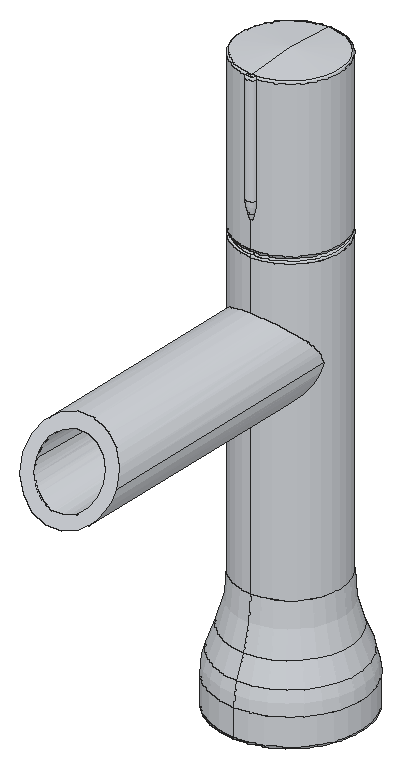
Revit family "Faucet-Lavatory-KOHLER-TOOBI-K-8967X", category Plumbing Fixtures, host Face, Revit 2017
Family settings
  Host = Face
  Round Connector Dimension = Use Diameter
  Part Type = Normal
  OmniClass Number = 23.31.11.00
  OmniClass Title = Faucets
  Cut with Voids When Loaded = No
  Shared = No
  Room Calculation Point = No
Parameters (values of type "CP- Polished Chrome")
  Width = 1 109/128"  # constant formula
  WaterSense Certified = 1 = 0  # no
  Waste Water Outlet = "Waste Water Outlet"  # constant formula
  Waste Connection = 1 = 0  # no
  Vent Connection = 1 = 0  # no
  URL = "https://www.kohler.co.th/"
  Type = 1
  Spout Reach = Length  # 3 149/256"
  Product Page URL = "https://www.kohler.co.th/en/productDetails/8967X-9?skuid=8967X-9-CP"
  Product Name = "TOOBI\r\n"  # constant formula
  Product Documentation Link = "http://resources.kohler.com/plumbing/kohlerapac/pdf/x2_170325230836.pdf"
  Pressure = 0.00 psi
  Model = if(Type = 1, "K-8967X-9-CP", "NA")  # "K-8967X-9-CP"
  Material = "Metal construction"  # constant formula
  Master Format 2014 Name = "Residential Faucets, Supplies, and Trim"  # constant formula
  Master Format 2014 = "22 41 39"  # constant formula
  Manufacturer Address = "16th Floor, Jasmine City Building 2, Soi Sukhumvit 23, Sukhumvit Road, Khlong Toei Nuea, Watthana, Bangkok 10110\r\n"  # constant formula
  Manufacturer = "KOHLER Co."  # constant formula
  Length = 3 149/256"  # constant formula
  Hot Water Inlet = "Hot Water Inlet"  # constant formula
  Height = 7 21/32"  # constant formula
  HW Connection = 1 = 1  # yes
  Flow Rate = 0 GPM
  Finish = Kohler-Metal-CP-Polished_Chrome
  Environmental Product Declaration = ""
  Drain Included = 1 = 0  # no
  Description = "Disc-Pillar Lavatory Faucet\r\n"  # constant formula
  Default Elevation = 36"
  Declare Label = ""
  Date Modified = "08/10/2020"  # constant formula
  Date Created = "08/10/2020"  # constant formula
  Copyright = "Copyright KOHLER Co."  # constant formula
  Contact Us = "https://www.kohler.co.th/contact-us"
  Cold Water Inlet = "Cold Water Inlet"  # constant formula
  CW Connection = 1 = 1  # yes
  Assembly Code = "D2010"
  ADA Compliant = 1 = 0  # no
Reference planes (in)
  plane 1 "Center (Front/Back)": y = 0
  plane 2: z = 0
  plane 3 "Center (Left/Right)": x = 0
  plane 4: x = -0.9252
  plane 5: x = 0.92637
  plane 6: y = 0.92471
  plane 7: y = -0.92471
  plane 8: z = 7.65625
  plane 9: z = 4.29134
  plane 10: y = -3.58203
  plane 11: through (0, -3.88102, 3.6792) normal (0, 0.8988, -0.4384)
  plane 12: z = 6.38459
Dimensions and locks (in)
  "Width": plane 4 to plane 5
  locked: plane 6 to plane 7 at 1.84941
  "Length": plane 1 "Center (Front/Back)" to plane 10
  locked: level to plane 9 at 4.29134
  "Height": level to plane 8
  locked: plane 11 to plane 9 (angle 64.00°)
  aligned and locked: plane 2 to host face
  aligned and locked: level to host face
  aligned and locked: plane 4 to nested 1
  aligned and locked: plane 5 to nested 1
  aligned and locked: plane 6 to nested 1
  aligned and locked: plane 7 to nested 1
  aligned and locked: plane 8 to nested 1
  aligned and locked: plane 9 to nested 1
  aligned and locked: plane 10 to nested 1
  aligned and locked: plane 11 to nested 1
  aligned and locked: plane 12 to nested 1
Automatic sketch dimensions
  host sketch curve to host sketch curve = 96"  (x2)
Nested families (in)
  nested 1: "K-8967X-9" at (0, 0, -0.00123), type "K-8967X-9"
Connectors (in)
  piping at (-0.31511, 0, -0.00123), diameter 0.5, driven by "Flow Rate", driven by "HW Connection", driven by "Hot Water Inlet"
    settings: on nested 1, index 1, connector inside diameter 24", connector length 0", flow factor 0, pipe flow 0 GPM, pressure drop 0.00 psi, fitting loss kfactor 0, connector angle 0.00°, fixture units 0, engagement length 0", angle of deflection 0.00°, flow configuration 0, flow direction 1, fitting loss method 0, system type 19, joint type 0, gender type 0, connector reference index -1, connector utility 1, adjustable connector no, is connector primary yes, connector description "Hot Water Inlet"
  piping at (0.31511, 0, -0.00123), diameter 0.5, driven by "Flow Rate", driven by "CW Connection", driven by "Cold Water Inlet"
    settings: on nested 1, index 2, connector inside diameter 24", connector length 0", flow factor 0, pipe flow 0 GPM, pressure drop 0.00 psi, fitting loss kfactor 0, connector angle 0.00°, fixture units 0, engagement length 0", angle of deflection 0.00°, flow configuration 0, flow direction 1, fitting loss method 0, system type 20, joint type 0, gender type 0, connector reference index -1, connector utility 1, adjustable connector no, is connector primary no, connector description "Cold Water Inlet"
Definition of nested family "K-8967X-9"
  Parameters (values of type "K-8967X-9")
    Material = none
  Reference planes (in)
    plane 1 "Center (Front/Back)": y = 0
    plane 2: z = 0
    plane 3 "Center (Left/Right)": x = 0
    plane 4: z = 7.65748
    plane 5: y = 0.92471
    plane 6: y = -3.58268
    plane 7: z = 4.29134
    plane 8: through (0, -3.56471, 4.32773) normal (0, -0.8988, 0.4384)
    plane 9: y = -0.92471
    plane 10: x = -0.9252
    plane 11: x = 0.9252
    plane 12: z = 6.38582
  Forms (in)
    Revolve 1, solid, material <- "Material", detail levels medium+fine
      sketch origin (0, 0, 0) x (0, 1, 0) y (0, 0, 1)
        loop
          line (0.92471, 0.02362) -> (0.92471, 0.37315)
          arc (0.92471, 0.37315) -> (0.9115, 0.51879) -> (0.8723, 0.65969) r 0.80955
          line (0.8723, 0.65969) -> (0.76584, 0.94099)
          arc (0.76584, 0.94099) -> (0.6789, 1.25348) -> (0.64961, 1.57652) r 1.79553
          line (0.64961, 1.57652) -> (0.64961, 5.4922)
          arc (0.64961, 5.4922) -> (0.64386, 5.50607) -> (0.63, 5.51181) r 0.01961
          line (0.63, 5.51181) -> (0.53192, 5.51181)
          arc (0.53192, 5.51181) -> (0.53067, 5.53542) -> (0.52982, 5.55906) r 1.39127
          line (0.52982, 5.55906) -> (0.628, 5.55906)
          arc (0.628, 5.55906) -> (0.64328, 5.56538) -> (0.64961, 5.58066) r 0.02161
          line (0.64961, 5.58066) -> (0.64961, 7.58866)
          arc (0.64961, 7.58866) -> (0.64411, 7.60347) -> (0.63029, 7.61113) r 0.02273
          arc (0.63029, 7.61113) -> (0.31604, 7.64646) -> (0, 7.65748) r 4.10213
          line (0, 7.65748) -> (0, 0) -> (0.90108, 0)
          arc (0.90108, 0) -> (0.91779, 0.00692) -> (0.92471, 0.02362) r 0.02362
        axis (0, 7.65748) -> (0, 0)
      angle from 0 to 360
    Revolve 2, solid, material <- "Material", detail levels medium+fine
      sketch origin (0, 0, 0) x (0, 1, 0) y (0, 0, 1)
        loop
          line (-0.69455, 7.57943) -> (-0.69455, 6.16857)
          arc (-0.69455, 6.16857) -> (-0.68899, 6.09132) -> (-0.67242, 6.01566) r 0.53928
          line (-0.67242, 6.01566) -> (-0.62381, 5.85126) -> (-0.62381, 7.60911)
          arc (-0.62381, 7.60911) -> (-0.64924, 7.60625) -> (-0.67458, 7.60271) r 0.94982
          arc (-0.67458, 7.60271) -> (-0.68887, 7.59476) -> (-0.69455, 7.57943) r 0.02355
        axis (-0.62381, 7.60911) -> (-0.62381, 5.85126)
      angle from -90 to 90
    Revolve 3, solid, material <- "Material", detail levels medium+fine
      sketch origin (0, 0, 0) x (0, 1, 0) y (0, 0, 1)
        loop
          arc (0.72061, 6.38582) -> (0.68335, 6.49815) -> (0.58643, 6.56609) r 0.18836
          line (0.58643, 6.56609) -> (0.58643, 6.38582) -> (0.72061, 6.38582)
        axis (0.72061, 6.38582) -> (0.58643, 6.38582)
      angle from 0 to 360
    Extrusion 4, solid, material <- "Material", detail levels medium+fine
      sketch origin (0, 0, 0) x (1, 0, 0) y (0, 0, 1)
        loop
          spline (-0.60958, 4.29134) -> (-0.58881, 4.14868) -> (-0.52791, 4.01575) -> (-0.43104, 3.90159) -> (-0.30479, 3.814) -> (-0.15777, 3.75894) -> (0, 3.74016) -> (0.15777, 3.75894) -> (0.30479, 3.814) -> (0.43104, 3.90159) -> (0.52791, 4.01575) -> (0.58881, 4.14868) -> (0.60958, 4.29134)
          spline (0.60958, 4.29134) -> (0.58881, 4.43399) -> (0.52791, 4.56693) -> (0.43104, 4.68108) -> (0.30479, 4.76868) -> (0.15777, 4.82374) -> (0, 4.84252) -> (-0.15777, 4.82374) -> (-0.30479, 4.76868) -> (-0.43104, 4.68108) -> (-0.52791, 4.56693) -> (-0.58881, 4.43399) -> (-0.60958, 4.29134)
      from 0 to 4.28882
    Extrusion 5, void
      sketch origin (0, 0, 0) x (0, 1, 0) y (0, 0, 1)
        loop
          line (-3.18084, 5.11478) -> (-4.7315, 5.11478) -> (-4.7315, 3.14628) -> (-4.14095, 3.14628) -> (-3.18084, 5.11478)
      from -1.85366 to 1.23799
    SweptBlend 6, void
      path origin (0, 0, 0) x (0, 1, 0) y (0, 0, 1)
        loop
          line (-5.39715, 4.29134) -> (-0.93616, 4.29134)
      profile origin (0, -5.39715, 4.29134) x (0, 0, 1) y (1, 0, 0)
        loop
          spline (0.00109, 0.49434) -> (-0.11154, 0.47761) -> (-0.21649, 0.42853) -> (-0.30662, 0.35046) -> (-0.37577, 0.24872) -> (-0.41924, 0.13025) -> (-0.43407, 0.0031) -> (-0.41924, -0.12404) -> (-0.37577, -0.24252) -> (-0.30662, -0.34425) -> (-0.21649, -0.42232) -> (-0.11154, -0.4714) -> (0.00109, -0.48814)
          spline (0.00109, -0.48814) -> (0.11372, -0.4714) -> (0.21867, -0.42232) -> (0.30879, -0.34425) -> (0.37795, -0.24252) -> (0.42142, -0.12404) -> (0.43625, 0.0031) -> (0.42142, 0.13025) -> (0.37795, 0.24872) -> (0.30879, 0.35046) -> (0.21867, 0.42853) -> (0.11372, 0.47761) -> (0.00109, 0.49434)
      end profile origin (0, -0.93616, 4.29134) x (0, 0, 1) y (1, 0, 0)
        loop
          circle (0, 0) r 0.35557
    Extrusion 7, void
      sketch origin (0, 0, 0) x (1, 0, 0) y (0, 1, 0)
        loop
          line (0.15748, -3.38603) -> (0.15748, -3.22855)
          arc (0.15748, -3.22855) -> (0, -3.07107) -> (-0.15748, -3.22855) r 0.15748
          line (-0.15748, -3.22855) -> (-0.15748, -3.38603)
          arc (-0.15748, -3.38603) -> (0, -3.54351) -> (0.15748, -3.38603) r 0.15748
      from 3.53957 to 3.8383
    Revolve 8, solid, material <- "Material", detail levels coarse
      sketch origin (0, 0, 0) x (0, 1, 0) y (0, 0, 1)
        loop
          line (0, 7.65748) -> (0, 0) -> (0.92471, 0) -> (0.92471, 0.52121) -> (0.64961, 1.24812) -> (0.64961, 7.65748) -> (0, 7.65748)
        axis (0, 0) -> (0, 7.65748)
      angle from 0 to 360
    Revolve 9, solid, material <- "Material", detail levels coarse
      sketch origin (0, 0, 0) x (0, 1, 0) y (0, 0, 1)
        loop
          line (0, 4.84252) -> (-3.94783, 4.84252) -> (-3.94783, 4.29134) -> (0, 4.29134) -> (0, 4.84252)
        axis (0, 4.29134) -> (-3.94783, 4.29134)
      angle from 0 to 360
    Extrusion 10, void
      sketch origin (0, 0, 0) x (0, 1, 0) y (0, 0, 1)
        loop
          line (-3.04767, 5.38783) -> (-4.28617, 5.99188) -> (-5.49428, 3.51489) -> (-4.25578, 2.91083) -> (-3.04767, 5.38783)
      from -3.43216 to 2.67496
    Extrusion 11, solid, material <- "Material", detail levels coarse
      sketch origin (0, 0, 0) x (1, 0, 0) y (0, 1, 0)
        loop
          circle (0, -0.62381) r 0.0708
      from 5.93744 to 7.65748
    Extrusion 12, void
      sketch origin (0, 0, 0) x (1, 0, 0) y (0, 0, 1)
        loop
          spline (-0.43265, 4.30073) -> (-0.42348, 4.19489) -> (-0.38299, 4.09517) -> (-0.31417, 4.0089) -> (-0.22207, 3.94243) -> (-0.11349, 3.90067) -> (0.00359, 3.88668) -> (0.12055, 3.90149) -> (0.22876, 3.94402) -> (0.32028, 4.01113) -> (0.38835, 4.09788) -> (0.42797, 4.19789) -> (0.43621, 4.30379)
          spline (0.43621, 4.30379) -> (0.4202, 4.40416) -> (0.37597, 4.49744) -> (0.30651, 4.57735) -> (0.2165, 4.63848) -> (0.11201, 4.67672) -> (0.00009, 4.68949) -> (-0.11171, 4.67593) -> (-0.21586, 4.63696) -> (-0.30533, 4.57519) -> (-0.3741, 4.4948) -> (-0.41751, 4.40121) -> (-0.43265, 4.30073)
      from 0 to 9.84252
    Extrusion 13, solid, material <- "Material"
      sketch origin (0, 0, 0) x (1, 0, 0) y (0, 1, 0)
        loop
          circle (-0.31511, 0) r 0.13418
        loop
          circle (0.31511, 0) r 0.13418
      from 0 to 0.33945
  Cuts and joins
    SweptBlend 6, Extrusion 10 cuts Revolve 1
    SweptBlend 6, Extrusion 10 cuts Revolve 3
    Extrusion 5, SweptBlend 6, Extrusion 7, Extrusion 10 cuts Extrusion 4
    joined: Revolve 1, Revolve 3, Extrusion 4
    Extrusion 10, Extrusion 12 cuts Revolve 8
    Extrusion 10, Extrusion 12 cuts Revolve 9
    Extrusion 12 cuts Extrusion 11
    joined: Revolve 8, Revolve 9, Extrusion 11
  Lines and regions (in)
    Masking region 1
      outline origin (0, 0, 0) x (1, 0, 0) y (0, 1, 0)
        loop
          arc (0.61301, -0.69231) -> (0, 0.92471) -> (-0.61301, -0.69231) r 0.92471
          arc (-0.61301, -0.69231) -> (-0.61151, -0.75017) -> (-0.61024, -0.80803) r 14.72307
          line (-0.61024, -0.80803) -> (-0.61024, -3.58246)
          spline (-0.61024, -3.58246) -> (-0.58945, -3.65204) -> (-0.52848, -3.71688) -> (-0.43151, -3.77255) -> (-0.30512, -3.81528) -> (-0.15794, -3.84213) -> (0, -3.85129) -> (0.15794, -3.84213) -> (0.30512, -3.81528) -> (0.43151, -3.77255) -> (0.52848, -3.71688) -> (0.58945, -3.65204) -> (0.61024, -3.58246)
          line (0.61024, -3.58246) -> (0.61024, -0.80803)
          arc (0.61024, -0.80803) -> (0.61151, -0.75017) -> (0.61301, -0.69231) r 14.72307
    Masking region 2
      outline origin (0, 0, 0) x (1, 0, 0) y (0, 0, 1)
        loop
          arc (-0.92471, 0.02362) -> (-0.91779, 0.00692) -> (-0.90108, 0) r 0.02362
          line (-0.90108, 0) -> (0, 0) -> (0.90108, 0)
          arc (0.90108, 0) -> (0.91779, 0.00692) -> (0.92471, 0.02362) r 0.02362
          line (0.92471, 0.02362) -> (0.92471, 0.37315)
          arc (0.92471, 0.37315) -> (0.9115, 0.51879) -> (0.8723, 0.65969) r 0.80955
          line (0.8723, 0.65969) -> (0.76584, 0.94099)
          arc (0.76584, 0.94099) -> (0.6789, 1.25348) -> (0.64961, 1.57652) r 1.79553
          line (0.64961, 1.57652) -> (0.64961, 5.4922)
          arc (0.64961, 5.4922) -> (0.64386, 5.50607) -> (0.63, 5.51181) r 0.01961
          line (0.63, 5.51181) -> (0.53192, 5.51181)
          arc (0.53192, 5.51181) -> (0.53067, 5.53542) -> (0.52982, 5.55906) r 1.39127
          line (0.52982, 5.55906) -> (0.628, 5.55906)
          arc (0.628, 5.55906) -> (0.64328, 5.56538) -> (0.64961, 5.58066) r 0.02161
          line (0.64961, 5.58066) -> (0.64961, 7.58866)
          arc (0.64961, 7.58866) -> (0.64411, 7.60347) -> (0.63029, 7.61113) r 0.02273
          arc (0.63029, 7.61113) -> (0.31604, 7.64646) -> (0, 7.65748) r 4.10213
          arc (0, 7.65748) -> (-0.31604, 7.64646) -> (-0.63029, 7.61113) r 4.10213
          arc (-0.63029, 7.61113) -> (-0.64411, 7.60347) -> (-0.64961, 7.58866) r 0.02273
          line (-0.64961, 7.58866) -> (-0.64961, 5.58066)
          arc (-0.64961, 5.58066) -> (-0.64328, 5.56538) -> (-0.628, 5.55906) r 0.02161
          line (-0.628, 5.55906) -> (-0.52982, 5.55906)
          arc (-0.52982, 5.55906) -> (-0.53067, 5.53542) -> (-0.53192, 5.51181) r 1.39127
          line (-0.53192, 5.51181) -> (-0.63, 5.51181)
          arc (-0.63, 5.51181) -> (-0.64386, 5.50607) -> (-0.64961, 5.4922) r 0.01961
          line (-0.64961, 5.4922) -> (-0.64961, 1.57652)
          arc (-0.64961, 1.57652) -> (-0.6789, 1.25348) -> (-0.76584, 0.94099) r 1.79553
          line (-0.76584, 0.94099) -> (-0.8723, 0.65969)
          arc (-0.8723, 0.65969) -> (-0.9115, 0.51879) -> (-0.92471, 0.37315) r 0.80955
          line (-0.92471, 0.37315) -> (-0.92471, 0.02362)
    Masking region 3
      outline origin (0, 0, 0) x (0, 1, 0) y (0, 0, 1)
        loop
          line (0.92471, 0.02362) -> (0.92471, 0.37315)
          arc (0.92471, 0.37315) -> (0.9115, 0.51879) -> (0.8723, 0.65969) r 0.80955
          line (0.8723, 0.65969) -> (0.76584, 0.94099)
          arc (0.76584, 0.94099) -> (0.6789, 1.25348) -> (0.64961, 1.57652) r 1.79553
          line (0.64961, 1.57652) -> (0.64961, 5.4922)
          arc (0.64961, 5.4922) -> (0.64386, 5.50607) -> (0.63, 5.51181) r 0.01961
          line (0.63, 5.51181) -> (0.53192, 5.51181)
          arc (0.53192, 5.51181) -> (0.53067, 5.53542) -> (0.52982, 5.55906) r 1.39127
          line (0.52982, 5.55906) -> (0.628, 5.55906)
          arc (0.628, 5.55906) -> (0.64328, 5.56538) -> (0.64961, 5.58066) r 0.02161
          line (0.64961, 5.58066) -> (0.64961, 6.23861)
          arc (0.64961, 6.23861) -> (0.72065, 6.38582) -> (0.64961, 6.53302) r 0.18803
          line (0.64961, 6.53302) -> (0.64961, 7.58866)
          arc (0.64961, 7.58866) -> (0.64411, 7.60347) -> (0.63029, 7.61113) r 0.02273
          arc (0.63029, 7.61113) -> (0.31604, 7.64646) -> (0, 7.65748) r 4.10213
          arc (0, 7.65748) -> (-0.31604, 7.64646) -> (-0.63029, 7.61113) r 4.10213
          line (-0.63029, 7.61113) -> (-0.67597, 7.6042)
          arc (-0.67597, 7.6042) -> (-0.68927, 7.59683) -> (-0.69455, 7.58258) r 0.02187
          line (-0.69455, 7.58258) -> (-0.69455, 6.17082)
          arc (-0.69455, 6.17082) -> (-0.68951, 6.09178) -> (-0.67447, 6.01403) r 0.62215
          arc (-0.67447, 6.01403) -> (-0.65904, 5.94265) -> (-0.64961, 5.87024) r 0.8746
          line (-0.64961, 5.87024) -> (-0.64961, 5.58066)
          arc (-0.64961, 5.58066) -> (-0.64328, 5.56538) -> (-0.628, 5.55906) r 0.02161
          line (-0.628, 5.55906) -> (-0.52982, 5.55906)
          arc (-0.52982, 5.55906) -> (-0.53067, 5.53542) -> (-0.53192, 5.51181) r 1.39127
          line (-0.53192, 5.51181) -> (-0.63, 5.51181)
          arc (-0.63, 5.51181) -> (-0.64386, 5.50607) -> (-0.64961, 5.4922) r 0.01961
          line (-0.64961, 5.4922) -> (-0.64961, 5.15802)
          arc (-0.64961, 5.15802) -> (-0.74201, 4.93493) -> (-0.96511, 4.84252) r 0.3155
          line (-0.96511, 4.84252) -> (-3.29033, 4.84252)
          arc (-3.29033, 4.84252) -> (-3.31009, 4.83685) -> (-3.32385, 4.82158) r 0.03729
          line (-3.32385, 4.82158) -> (-3.83878, 3.7658)
          arc (-3.83878, 3.7658) -> (-3.83758, 3.74293) -> (-3.81755, 3.73183) r 0.02362
          line (-3.81755, 3.73183) -> (-3.53517, 3.73183)
          arc (-3.53517, 3.73183) -> (-3.30352, 3.75115) -> (-3.07187, 3.73183) r 1.39789
          line (-3.07187, 3.73183) -> (-0.97698, 3.73183)
          arc (-0.97698, 3.73183) -> (-0.74549, 3.63594) -> (-0.64961, 3.40445) r 0.32738
          line (-0.64961, 3.40445) -> (-0.64961, 1.57652)
          arc (-0.64961, 1.57652) -> (-0.6789, 1.25348) -> (-0.76584, 0.94099) r 1.79553
          line (-0.76584, 0.94099) -> (-0.8723, 0.65969)
          arc (-0.8723, 0.65969) -> (-0.9115, 0.51879) -> (-0.92471, 0.37315) r 0.80955
          line (-0.92471, 0.37315) -> (-0.92471, 0.02362)
          arc (-0.92471, 0.02362) -> (-0.91779, 0.00692) -> (-0.90108, 0) r 0.02362
          line (-0.90108, 0) -> (0, 0) -> (0.90108, 0)
          arc (0.90108, 0) -> (0.91779, 0.00692) -> (0.92471, 0.02362) r 0.02362
    symbolic lines, detail levels medium+fine
      curve 1: arc (0.10255, -0.64146, 0) -> (-0.00226, 0.6496, 0) -> (-0.09809, -0.64216, 0) r 0.64961
      curve 2: arc (0.09348, -0.62314, 0) -> (-0.01053, 0.63003, 0) -> (-0.07261, -0.62592, 0) r 0.63011
      curve 3: arc (-0.0471, -0.64394, 0) -> (-0.00489, -0.67334, 0) -> (0.04239, -0.65308, 0) r 0.05301
      curve 4: arc (-0.07261, -0.62592, 0) -> (-0.05756, -0.63167, 0) -> (-0.0471, -0.64394, 0) r 0.03259
      curve 5: arc (0.04239, -0.65308, 0) -> (0.06505, -0.63318, 0) -> (0.09348, -0.62314, 0) r 0.0796
      curve 6: arc (-0.05919, -0.66509, 0) -> (-0.00131, -0.69418, 0) -> (0.05755, -0.66715, 0) r 0.07474
      curve 7: arc (-0.09809, -0.64216, 0) -> (-0.07643, -0.64987, 0) -> (-0.05919, -0.66509, 0) r 0.06069
      curve 8: arc (0.05755, -0.66715, 0) -> (0.07771, -0.65021, 0) -> (0.10255, -0.64146, 0) r 0.07352
      curve 9: arc (0, 0.72061, 0) -> (-0.09272, 0.69634, 0) -> (-0.1612, 0.62929, 0) r 0.18681
      curve 10: arc (0, 0.72061, 0) -> (0.09272, 0.69634, 0) -> (0.1612, 0.62929, 0) r 0.18681
      curve 11: line (0, 0.92471, 0) -> (0, 0.72061, 0)
      curve 12: spline (-0.4388, -3.58268, 0) -> (-0.42385, -3.53173, 0) -> (-0.38001, -3.48425, 0) -> (-0.31028, -3.44348, 0) -> (-0.2194, -3.4122, 0) -> (-0.11357, -3.39253, 0) -> (0, -3.38583, 0) -> (0.11357, -3.39253, 0) -> (0.2194, -3.4122, 0) -> (0.31028, -3.44348, 0) -> (0.38001, -3.48425, 0) -> (0.42385, -3.53173, 0) -> (0.4388, -3.58268, 0) -> (0.42385, -3.63363, 0) -> (0.38001, -3.6811, 0) -> (0.31028, -3.72187, 0) -> (0.2194, -3.75315, 0) -> (0.11357, -3.77282, 0) -> (0, -3.77953, 0) -> (-0.11357, -3.77282, 0) -> (-0.2194, -3.75315, 0) -> (-0.31028, -3.72187, 0) -> (-0.38001, -3.6811, 0) -> (-0.42385, -3.63363, 0) -> (-0.4388, -3.58268, 0)
      curve 13: spline (-0.3937, -3.54491, 0) -> (-0.38029, -3.50374, 0) -> (-0.34095, -3.46537, 0) -> (-0.27839, -3.43242, 0) -> (-0.19685, -3.40714, 0) -> (-0.1019, -3.39125, 0) -> (0, -3.38583, 0) -> (0.1019, -3.39125, 0) -> (0.19685, -3.40714, 0) -> (0.27839, -3.43242, 0) -> (0.34095, -3.46537, 0) -> (0.38029, -3.50374, 0) -> (0.3937, -3.54491, 0) -> (0.38029, -3.58608, 0) -> (0.34095, -3.62445, 0) -> (0.27839, -3.6574, 0) -> (0.19685, -3.68268, 0) -> (0.1019, -3.69857, 0) -> (0, -3.70399, 0) -> (-0.1019, -3.69857, 0) -> (-0.19685, -3.68268, 0) -> (-0.27839, -3.6574, 0) -> (-0.34095, -3.62445, 0) -> (-0.38029, -3.58608, 0) -> (-0.3937, -3.54491, 0)
      curve 14: arc (-0.3937, -3.54491, 0) -> (-0.41383, -3.56853, 0) -> (-0.43869, -3.58709, 0) r 0.13919
      curve 15: spline (-0.53173, -3.58268, 0) -> (-0.51361, -3.6439, 0) -> (-0.46049, -3.70096, 0) -> (-0.37599, -3.74995, 0) -> (-0.26586, -3.78754, 0) -> (-0.13762, -3.81117, 0) -> (0, -3.81923, 0) -> (0.13762, -3.81117, 0) -> (0.26586, -3.78754, 0) -> (0.37599, -3.74995, 0) -> (0.46049, -3.70096, 0) -> (0.51361, -3.6439, 0) -> (0.53173, -3.58268, 0) -> (0.51361, -3.52145, 0) -> (0.46049, -3.4644, 0) -> (0.37599, -3.41541, 0) -> (0.26586, -3.37781, 0) -> (0.13762, -3.35418, 0) -> (0, -3.34612, 0) -> (-0.13762, -3.35418, 0) -> (-0.26586, -3.37781, 0) -> (-0.37599, -3.41541, 0) -> (-0.46049, -3.4644, 0) -> (-0.51361, -3.52145, 0) -> (-0.53173, -3.58268, 0)
      curve 16: spline (-0.51253, -3.58268, 0) -> (-0.49507, -3.52602, 0) -> (-0.44386, -3.47322, 0) -> (-0.36241, -3.42788, 0) -> (-0.25626, -3.39308, 0) -> (-0.13265, -3.37121, 0) -> (0, -3.36375, 0) -> (0.13265, -3.37121, 0) -> (0.25626, -3.39308, 0) -> (0.36241, -3.42788, 0) -> (0.44386, -3.47322, 0) -> (0.49507, -3.52602, 0) -> (0.51253, -3.58268, 0) -> (0.49507, -3.63934, 0) -> (0.44386, -3.69214, 0) -> (0.36241, -3.73748, 0) -> (0.25626, -3.77227, 0) -> (0.13265, -3.79414, 0) -> (0, -3.8016, 0) -> (-0.13265, -3.79414, 0) -> (-0.25626, -3.77227, 0) -> (-0.36241, -3.73748, 0) -> (-0.44386, -3.69214, 0) -> (-0.49507, -3.63934, 0) -> (-0.51253, -3.58268, 0)
      curve 17: spline (-0.61023, -3.58268, 0) -> (-0.58943, -3.5072, 0) -> (-0.52847, -3.43688, 0) -> (-0.4315, -3.37648, 0) -> (-0.30511, -3.33014, 0) -> (-0.15794, -3.30101, 0) -> (0, -3.29107, 0) -> (0.15794, -3.30101, 0) -> (0.30511, -3.33014, 0) -> (0.4315, -3.37648, 0) -> (0.52847, -3.43688, 0) -> (0.58943, -3.5072, 0) -> (0.61023, -3.58268, 0)
      curve 18: spline (0.59055, -3.58268, 0) -> (0.57043, -3.51372, 0) -> (0.51143, -3.44947, 0) -> (0.41758, -3.39429, 0) -> (0.29528, -3.35195, 0) -> (0.15285, -3.32534, 0) -> (0, -3.31626, 0) -> (-0.15285, -3.32534, 0) -> (-0.29528, -3.35195, 0) -> (-0.41758, -3.39429, 0) -> (-0.51143, -3.44947, 0) -> (-0.57043, -3.51372, 0) -> (-0.59055, -3.58268, 0) -> (-0.57043, -3.65163, 0) -> (-0.51143, -3.71589, 0) -> (-0.41758, -3.77106, 0) -> (-0.29528, -3.8134, 0) -> (-0.15285, -3.84002, 0) -> (0, -3.84909, 0) -> (0.15285, -3.84002, 0) -> (0.29528, -3.8134, 0) -> (0.41758, -3.77106, 0) -> (0.51143, -3.71589, 0) -> (0.57043, -3.65163, 0) -> (0.59055, -3.58268, 0)
      curve 19: arc (0.3937, -3.54491, 0) -> (0.41383, -3.56853, 0) -> (0.43869, -3.58709, 0) r 0.13919
      curve 20: line (-0.61301, -0.69231, 0) -> (-0.64961, 0, 0)
      curve 21: line (0.61301, -0.69231, 0) -> (0.64961, 0, 0)
      curve 22: line (-0.62577, 0, 7.61174) -> (-0.0927, 0, 7.61174)
      curve 23: arc (-0.0927, 0, 7.61174) -> (-0.06685, 0, 7.61084) -> (-0.04114, 0, 7.60814) r 0.37047
      curve 24: arc (-0.04114, 0, 7.60814) -> (-0.02062, 0, 7.60603) -> (0, 0, 7.60547) r 0.27531
      curve 25: line (-0.64961, 0, 7.58831) -> (-0.09495, 0, 7.58831)
      curve 26: line (-0.09495, 0, 7.58831) -> (-0.05351, 0, 7.5842)
      curve 27: arc (-0.05351, 0, 7.5842) -> (-0.02679, 0, 7.58235) -> (0, 0, 7.58209) r 0.45087
      curve 28: line (-0.13692, 0, 7.61174) -> (-0.13692, 0, 6.14172)
      curve 29: line (-0.09497, 0, 7.61174) -> (-0.09497, 0, 6.16454)
      curve 30: line (0.13692, 0, 7.61174) -> (0.13692, 0, 6.14172)
      curve 31: line (0.09497, 0, 7.61174) -> (0.09497, 0, 6.16454)
      curve 32: arc (-0.09497, 0, 6.16454) -> (0, 0, 6.06957) -> (0.09497, 0, 6.16454) r 0.09497
      curve 33: arc (-0.13692, 0, 6.14172) -> (0, 0, 6.0048) -> (0.13692, 0, 6.14172) r 0.13692
      curve 34: arc (-0.13692, 0, 6.14172) -> (-0.11236, 0, 6.14654) -> (-0.09497, 0, 6.16454) r 0.04175
      curve 35: arc (0.09497, 0, 6.16454) -> (0.11359, 0, 6.14881) -> (0.13692, 0, 6.14172) r 0.06036
      curve 36: line (0.62577, 0, 7.61174) -> (0.0927, 0, 7.61174)
      curve 37: arc (0.0927, 0, 7.61174) -> (0.06685, 0, 7.61084) -> (0.04114, 0, 7.60814) r 0.37047
      curve 38: arc (0.04114, 0, 7.60814) -> (0.02062, 0, 7.60603) -> (0, 0, 7.60547) r 0.27531
      curve 39: line (0.64961, 0, 7.58831) -> (0.09495, 0, 7.58831)
      curve 40: line (0.09495, 0, 7.58831) -> (0.05351, 0, 7.5842)
      curve 41: arc (0.05351, 0, 7.5842) -> (0.02679, 0, 7.58235) -> (0, 0, 7.58209) r 0.45087
      curve 42: line (-0.648, 0, 5.57298) -> (0.648, 0, 5.57298)
      curve 43: line (-0.64961, 0, 5.49214) -> (0.64961, 0, 5.49214)
      curve 44: line (-0.92471, 0, 0.35468) -> (0.92471, 0, 0.35468)
      curve 45: line (-0.52982, 0, 5.55906) -> (0.52982, 0, 5.55906)
      curve 46: line (-0.53192, 0, 5.51181) -> (0.53192, 0, 5.51181)
      curve 47: arc (-0.35557, 0, 4.29134) -> (0, 0, 3.93577) -> (0.35557, 0, 4.29134) r 0.35557
      curve 48: arc (0.35557, 0, 4.29134) -> (0, 0, 4.64691) -> (-0.35557, 0, 4.29134) r 0.35557
      curve 49: spline (0.43691, 0, 4.29134) -> (0.42519, 0, 4.18674) -> (0.3829, 0, 4.08873) -> (0.3131, 0, 4.00437) -> (0.22082, 0, 3.93976) -> (0.11274, 0, 3.89958) -> (-0.00334, 0, 3.8867) -> (-0.11905, 0, 3.90208) -> (-0.22602, 0, 3.94459) -> (-0.31654, 0, 4.01117) -> (-0.38407, 0, 4.09701) -> (-0.42372, 0, 4.19591) -> (-0.43265, 0, 4.30073)
      curve 50: spline (-0.43265, 0, 4.30073) -> (-0.41721, 0, 4.40221) -> (-0.37293, 0, 4.4966) -> (-0.30288, 0, 4.57738) -> (-0.21185, 0, 4.63902) -> (-0.10613, 0, 4.67726) -> (0.00702, 0, 4.68947) -> (0.11981, 0, 4.67481) -> (0.22448, 0, 4.6343) -> (0.31383, 0, 4.57072) -> (0.3817, 0, 4.48844) -> (0.42344, 0, 4.39313) -> (0.43616, 0, 4.29134)
      curve 51: spline (-0.60958, 0, 4.29134) -> (-0.58881, 0, 4.14868) -> (-0.52791, 0, 4.01575) -> (-0.43104, 0, 3.90159) -> (-0.30479, 0, 3.814) -> (-0.15777, 0, 3.75894) -> (0, 0, 3.74016) -> (0.15777, 0, 3.75894) -> (0.30479, 0, 3.814) -> (0.43104, 0, 3.90159) -> (0.52791, 0, 4.01575) -> (0.58881, 0, 4.14868) -> (0.60958, 0, 4.29134)
      curve 52: spline (0.60958, 0, 4.29134) -> (0.58881, 0, 4.43399) -> (0.52791, 0, 4.56693) -> (0.43104, 0, 4.68108) -> (0.30479, 0, 4.76868) -> (0.15777, 0, 4.82374) -> (0, 0, 4.84252) -> (-0.15777, 0, 4.82374) -> (-0.30479, 0, 4.76868) -> (-0.43104, 0, 4.68108) -> (-0.52791, 0, 4.56693) -> (-0.58881, 0, 4.43399) -> (-0.60958, 0, 4.29134)
      curve 53: line (-0.35557, 0, 4.29134) -> (-0.46302, 0, 4.29134)
      curve 54: line (0.35557, 0, 4.29134) -> (0.46397, 0, 4.29134)
      curve 55: spline (0.5874, 0, 4.29134) -> (0.56739, 0, 4.42603) -> (0.50871, 0, 4.55155) -> (0.41536, 0, 4.65933) -> (0.2937, 0, 4.74204) -> (0.15203, 0, 4.79403) -> (0, 0, 4.81176) -> (-0.15203, 0, 4.79403) -> (-0.2937, 0, 4.74204) -> (-0.41536, 0, 4.65933) -> (-0.50871, 0, 4.55155) -> (-0.56739, 0, 4.42603) -> (-0.5874, 0, 4.29134) -> (-0.56739, 0, 4.15664) -> (-0.50871, 0, 4.03113) -> (-0.41536, 0, 3.92335) -> (-0.2937, 0, 3.84064) -> (-0.15203, 0, 3.78865) -> (0, 0, 3.77092) -> (0.15203, 0, 3.78865) -> (0.2937, 0, 3.84064) -> (0.41536, 0, 3.92335) -> (0.50871, 0, 4.03113) -> (0.56739, 0, 4.15664) -> (0.5874, 0, 4.29134)
      curve 56: spline (-0.53085, 0, 4.29134) -> (-0.51277, 0, 4.41129) -> (-0.45973, 0, 4.52307) -> (-0.37537, 0, 4.61905) -> (-0.26543, 0, 4.69271) -> (-0.1374, 0, 4.73901) -> (0, 0, 4.7548) -> (0.1374, 0, 4.73901) -> (0.26543, 0, 4.69271) -> (0.37537, 0, 4.61905) -> (0.45973, 0, 4.52307) -> (0.51277, 0, 4.41129) -> (0.53085, 0, 4.29134) -> (0.51277, 0, 4.17139) -> (0.45973, 0, 4.05961) -> (0.37537, 0, 3.96362) -> (0.26543, 0, 3.88997) -> (0.1374, 0, 3.84367) -> (0, 0, 3.82788) -> (-0.1374, 0, 3.84367) -> (-0.26543, 0, 3.88997) -> (-0.37537, 0, 3.96362) -> (-0.45973, 0, 4.05961) -> (-0.51277, 0, 4.17139) -> (-0.53085, 0, 4.29134)
      curve 57: spline (0.46397, 0, 4.29134) -> (0.44816, 0, 4.40037) -> (0.40181, 0, 4.50197) -> (0.32808, 0, 4.58921) -> (0.23199, 0, 4.65616) -> (0.12008, 0, 4.69824) -> (0, 0, 4.7126) -> (-0.12008, 0, 4.69824) -> (-0.23199, 0, 4.65616) -> (-0.32808, 0, 4.58921) -> (-0.40181, 0, 4.50197) -> (-0.44816, 0, 4.40037) -> (-0.46397, 0, 4.29134) -> (-0.44816, 0, 4.18231) -> (-0.40181, 0, 4.08071) -> (-0.32808, 0, 3.99346) -> (-0.23199, 0, 3.92652) -> (-0.12008, 0, 3.88443) -> (0, 0, 3.87008) -> (0.12008, 0, 3.88443) -> (0.23199, 0, 3.92652) -> (0.32808, 0, 3.99346) -> (0.40181, 0, 4.08071) -> (0.44816, 0, 4.18231) -> (0.46397, 0, 4.29134)
      curve 58: spline (0.53546, 0, 4.29134) -> (0.51722, 0, 4.41324) -> (0.46372, 0, 4.52683) -> (0.37863, 0, 4.62438) -> (0.26773, 0, 4.69922) -> (0.13859, 0, 4.74628) -> (0, 0, 4.76233) -> (-0.13859, 0, 4.74628) -> (-0.26773, 0, 4.69922) -> (-0.37863, 0, 4.62438) -> (-0.46372, 0, 4.52683) -> (-0.51722, 0, 4.41324) -> (-0.53546, 0, 4.29134) -> (-0.51722, 0, 4.16944) -> (-0.46372, 0, 4.05585) -> (-0.37863, 0, 3.9583) -> (-0.26773, 0, 3.88345) -> (-0.13859, 0, 3.8364) -> (0, 0, 3.82035) -> (0.13859, 0, 3.8364) -> (0.26773, 0, 3.88345) -> (0.37863, 0, 3.9583) -> (0.46372, 0, 4.05585) -> (0.51722, 0, 4.16944) -> (0.53546, 0, 4.29134)
      curve 59: arc (-0.46881, 0, 5.07526) -> (-0.2427, 0, 5.16636) -> (0, 0, 5.18919) r 0.84561
      curve 60: arc (-0.64169, 0, 4.79786) -> (-0.58962, 0, 4.95798) -> (-0.46881, 0, 5.07526) r 0.35004
      curve 61: line (-0.64169, 0, 4.79786) -> (-0.6496, 0, 4.6579)
      curve 62: arc (0.46881, 0, 5.07526) -> (0.2427, 0, 5.16636) -> (0, 0, 5.18919) r 0.84561
      curve 63: arc (0.64169, 0, 4.79786) -> (0.58962, 0, 4.95798) -> (0.46881, 0, 5.07526) r 0.35004
      curve 64: line (0.64169, 0, 4.79786) -> (0.6496, 0, 4.6579)
      curve 65: arc (-0.46589, 0, 3.48114) -> (-0.23978, 0, 3.39003) -> (0.00292, 0, 3.36721) r 0.84561
      curve 66: arc (-0.63877, 0, 3.75854) -> (-0.5867, 0, 3.59842) -> (-0.46589, 0, 3.48114) r 0.35004
      curve 67: line (-0.63877, 0, 3.75854) -> (-0.64668, 0, 3.8985)
      curve 68: arc (0.47173, 0, 3.48114) -> (0.24562, 0, 3.39003) -> (0.00292, 0, 3.36721) r 0.84561
      curve 69: arc (0.64461, 0, 3.75854) -> (0.59254, 0, 3.59842) -> (0.47173, 0, 3.48114) r 0.35004
      curve 70: line (0.64461, 0, 3.75854) -> (0.65252, 0, 3.8985)
      curve 71: line (0, 0, 4.81176) -> (0, 0, 5.18919)
      curve 72: line (0, 0, 3.77092) -> (0, 0, 3.36707)
      curve 73: line (-0.92471, 0, 0.02362) -> (0.92471, 0, 0.02362)
      curve 74: line (0, -0.64961, 5.87255) -> (0, -0.64961, 7.58056)
      curve 75: arc (0, -0.64961, 7.58056) -> (0, -0.64301, 7.60013) -> (0, -0.62591, 7.61171) r 0.03233
      curve 76: line (0, 0.62505, 7.61171) -> (0, -0.62591, 7.61171)
      curve 77: line (0, 0.64961, 7.58819) -> (0, -0.69382, 7.58819)
      curve 78: line (0, -0.69455, 7.16182) -> (0, -0.64961, 7.16182)
      curve 79: line (0, 0.64961, 6.53302) -> (0, 0.64961, 6.23861)
      curve 80: line (0, 0.52982, 5.55906) -> (0, -0.52982, 5.55906)
      curve 81: line (0, 0.53192, 5.51181) -> (0, -0.54433, 5.51181)
      curve 82: line (0, 0.648, 5.57298) -> (0, -0.648, 5.57298)
      curve 83: line (0, 0.64961, 5.49213) -> (0, -0.64961, 5.49213)
      curve 84: line (0, -3.8185, 3.73183) -> (0, -3.27678, 4.84252)
      curve 85: line (0, 0.92471, 0.35454) -> (0, -0.92471, 0.35454)
      curve 86: line (0, 0.92415, 0.01934) -> (0, -0.92414, 0.01934)
      curve 87: arc (0, -0.64961, 5.18919) -> (0, 0.00009, 4.27843) -> (0, -0.64961, 3.36767) r 0.96321
      curve 88: arc (0, -1.00556, 3.73183) -> (0, -0.8061, 4.29166) -> (0, -1.02915, 4.84252) r 0.83574
      curve 89: line (0, 0, 7.58819) -> (0, 0, 7.65748)
  Dimensions and locks (in)
    plane 4 to level = 7.65748"
    plane 7 to level = 4.29134"
    plane 1 "Center (Front/Back)" to plane 6 = 3.58268"
    plane 5 to plane 9 = 1.84941"
    angle plane 8 to plane 7 = 64.00°
    aligned and locked: plane 2 to level
